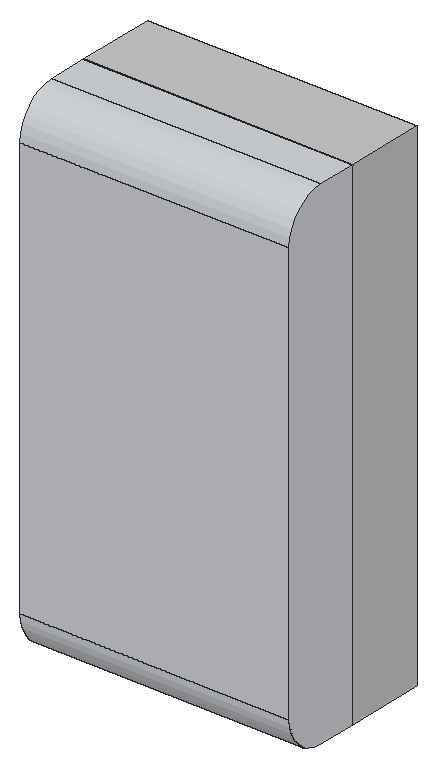
Revit family "消防照明_緊急照明燈(壁掛式)", category 火警裝置, Revit 2016
Family settings
  保持標註方位 = 否
  組件類型 = 正常
  圓形接點標註 = 使用直徑
  OmniClass 編號 = 23.35.47.13
  OmniClass 標題 = Emergency Lighting
  以工作平面為基礎 = 否
  總是垂直 = 是
  載入時使用空心挖方 = 否
  共用 = 否
  房間計算點 = 否
Parameters (values of type "消防照明_緊急照明燈(壁掛式)")
  Type Comments = ""
  Keynote = ""
  設備高度 [instance] = 2200 cm
  製造商 = "願景資訊有限公司"  # constant formula
  Model = ""
  Description = ""
  後 [instance] = no
  左 [instance] = no
  右 [instance] = no
  前 [instance] = yes
  3.99__***************************************** = ""
  3.33__COBie.Space.Description_(空間說明) = ""
  3.32__COBie.Space.Category_(空間類別) = ""
  3.31__COBie.Space.Name_(空間名稱) = ""
  3.30__COBie.System.Category_(系統類別) = ""
  3.29__COBie.System.Name_(系統名稱) = ""
  3.28__COBie.Component.Description_(例證說明) = ""
  3.27__COBie.Component.Name_(例證名稱) = ""
  3.26__COBie.Type.NominalHeight_(標稱寬度) = 0 cm
  3.25__COBie.Type.NominalWidth_(標稱長度) = 0 cm
  3.24__COBie.Type.NominalLength_(標稱高度) = 0 cm
  3.23__COBie.Type.WarrentyDurationUnit_(保固期限) = ""
  3.22__COBie.Type.WarrentyDurationLabors_(人力保固期限) = ""
  3.21__COBie.Type.WarrentyDurationParts_(零件保固期限) = ""
  3.20__COBie.Type.WarrentyGuarantorParts_(零件保固證明) = ""
  3.19__COBie.Type.ModelNumber_(模型編號) = ""
  3.18__COBie.Type.Description_(族群說明) = ""
  3.17__COBie.Type.Category_(族群類別) = ""
  3.16__COBie.Type.Name_(族群名稱) = ""
  3.15__Maintenance periode_(維護保養期限) = ""
  3.14__Equipment installation date_(設備安裝日期) = ""
  3.13__Equipment entry time_(設備進場時間) = ""
  3.12__Construction companies_(施工廠商) = ""
  3.11__PCCES_(公共工程編碼) = ""
  3.10__Revision_(修訂資訊) = ""
  3.09__Version_(版本註記) = ""
  3.08__ProductInformation_(產品資訊) = ""
  3.07__ManufacturerURL_(製造廠商網址) = ""
  3.06__ManufacturerName_(製造廠商名稱) = ""
  3.05__Purchasing phone_(採購廠商電話) = ""
  3.04__Purchasing vendor contact_(採購廠商聯絡人) = ""
  3.03__Procurement vendors_(採購廠商) = ""
  3.02__BIMObjectName_(元件識別名稱) = ""
  3.01__Fillers_(欄位填寫人) = ""
  3.00__【維護營運階段】 = ""
  2.99__***************************************** = ""
  2.08__照明時間 = ""
  2.07__緊急電源規格 = ""
  2.06__尺寸(長x寬x深)_(mm) = ""
  2.05__頻率_(Hz) = ""
  2.04__電壓_(Volts) = ""
  2.03__電流_(Amps) = ""
  2.02__核定設備型號 = ""
  2.01__核定廠牌 = ""
  2.00__【設備送審核定參數】 = ""
  1.99__***************************************** = ""
  1.10__建議採購的三家廠牌 = ""
  1.08__照明時間 = ""
  1.07__緊急電源規格 = ""
  1.06__尺寸(長x寬x深)_(mm) = ""
  1.05__頻率_(Hz) = ""
  1.04__電壓_(Volts) = ""
  1.03__電流_(Amps) = ""
  1.02__元件製作公司 = "願景資訊有限公司"  # constant formula
  1.01__元件作者 = "張瑋巖"  # constant formula
  1.00__【設計參數】 = ""
Reference planes (cm)
  plane 1 "中心 (前/後)": y = 0
  plane 2: z = 0
  plane 3 "中心 (左/右)": x = 0
  plane 4: z = 20.5
  plane 5: x = -5.5
  plane 6: x = 5.5
  plane 7: y = 3.25
  plane 8: y = -3.25
  plane 9: z = 10.25
  plane 10: z = 220
Forms (cm)
  Extrusion 1, solid, material "消防火警設備", detail levels coarse+fine
    sketch origin (0, 0, 220) x (1, 0, 0) y (0, 0, 1)
      loop
        line (-5.5, 20.5) -> (-5.5, 0) -> (5.5, 0) -> (5.5, 20.5) -> (-5.5, 20.5)
    from -3.25 to 0
  Extrusion 2, solid, detail levels coarse+fine
    sketch origin (0, 0, 220) x (0, 1, 0) y (0, 0, 1)
      loop
        arc (-1.625, 20.5) -> (-2.774, 20.024) -> (-3.25, 18.875) r 1.625
        line (-3.25, 18.875) -> (-3.25, 1.625)
        arc (-3.25, 1.625) -> (-2.774, 0.476) -> (-1.625, 0) r 1.625
        line (-1.625, 0) -> (0, 0) -> (0, 20.5) -> (-1.625, 20.5)
    from -5.5 to 5.5
Dimensions and locks (cm)
  aligned and locked: level to plane 2
  aligned and locked: Extrusion 2 to plane 5
  aligned and locked: plane 6 to Extrusion 2
Nested families (cm)
  nested 1: "龘_消防_緊急照明燈(壁掛式)_前" at (0, 3.25, 0), visible <- "前", type "消防_緊急照明燈(壁掛式)_前", detail levels coarse+medium
    with 前 yes
  nested 2: "龘_消防_緊急照明燈(壁掛式)_後" at (0, 3.25, 0), visible <- "後", type "消防_緊急照明燈(壁掛式)_後", detail levels coarse+medium
    with 後 yes
  nested 3: "龘_消防_緊急照明燈(壁掛式)_右" at (0, 3.25, 0), visible <- "右", type "消防_緊急照明燈(壁掛式)_右", detail levels coarse+medium
    with 右 yes
  nested 4: "龘_消防_緊急照明燈(壁掛式)_左" at (0, 3.25, 0), visible <- "左", type "消防_緊急照明燈(壁掛式)_左", detail levels coarse+medium
    with 左 yes
Connectors (cm)
  electrical at (0, 1.625, 240.5)
    settings: on Extrusion 1, index 2, voltage 110 V, apparent load 0 VA, apparent load phase1 0 VA, apparent load phase2 0 VA, apparent load phase3 0 VA, power factor 1, load classification "其他", number of poles 1, system type 31, power factor state 1, is connector primary yes, connector utility no, sub classification motor no, connector description ""
Definition of nested family "龘_消防_緊急照明燈(壁掛式)_前"
  Parameters (values of type "消防_緊急照明燈(壁掛式)_前")
    前 [instance] = yes
  Reference planes (cm)
    plane 1: y = 0
    plane 2: x = 0
  Lines and regions (cm)
    Filled region 1, type "填滿區域 1", visible <- "前"
      outline origin (0, 0, 0) x (1, 0, 0) y (0, 1, 0)
        loop
          arc (-0.09, -0.0241) -> (-0.18, -0.18) -> (-0.09, -0.3359) r 0.18
          line (-0.09, -0.3359) -> (-0.09, -0.0241)
    detail lines, visible <- "前"
      curve 1: circle (0, -0.18, 0) r 0.18 normal (0, 0, 1)
      curve 2: line (-0.09, -0.0241, 0) -> (-0.09, -0.3359, 0)
      curve 3: line (0.0864, -0.0549, 0) -> (-0.0256, -0.0549, 0)
      curve 4: line (-0.0256, -0.0549, 0) -> (-0.0256, -0.2948, 0)
      curve 5: line (0.0725, -0.1748, 0) -> (-0.0256, -0.1748, 0)
      curve 6: line (-0.0256, -0.2948, 0) -> (0.0864, -0.2948, 0)
Definition of nested family "龘_消防_緊急照明燈(壁掛式)_後"
  Parameters (values of type "消防_緊急照明燈(壁掛式)_後")
    後 [instance] = yes
  Reference planes (cm)
    plane 1: y = 0
    plane 2: x = 0
  Lines and regions (cm)
    Filled region 1, type "填滿區域 1", visible <- "後"
      outline origin (0, -0.36, 0) x (-1, 0, 0) y (0, -1, 0)
        loop
          arc (-0.09, -0.0241) -> (-0.18, -0.18) -> (-0.09, -0.3359) r 0.18
          line (-0.09, -0.3359) -> (-0.09, -0.0241)
    detail lines, visible <- "後"
      curve 1: circle (0, -0.18, 0) r 0.18 normal (0, 0, 1)
      curve 2: line (0.09, -0.3359, 0) -> (0.09, -0.0241, 0)
      curve 3: line (-0.0803, -0.2948, 0) -> (0.0317, -0.2948, 0)
      curve 4: line (0.0317, -0.2948, 0) -> (0.0317, -0.0549, 0)
      curve 5: line (-0.0665, -0.1748, 0) -> (0.0317, -0.1748, 0)
      curve 6: line (0.0317, -0.0549, 0) -> (-0.0803, -0.0549, 0)
Definition of nested family "龘_消防_緊急照明燈(壁掛式)_右"
  Parameters (values of type "消防_緊急照明燈(壁掛式)_右")
    右 [instance] = yes
  Reference planes (cm)
    plane 1: y = 0
    plane 2: x = 0
  Lines and regions (cm)
    Filled region 1, type "填滿區域 1", visible <- "右"
      outline origin (0.18, -0.18, 0) x (0, -1, 0) y (1, 0, 0)
        loop
          arc (-0.09, -0.0241) -> (-0.18, -0.18) -> (-0.09, -0.3359) r 0.18
          line (-0.09, -0.3359) -> (-0.09, -0.0241)
    detail lines, visible <- "右"
      curve 1: circle (0, -0.18, 0) r 0.18 normal (0, 0, 1)
      curve 2: line (0.1559, -0.09, 0) -> (-0.1559, -0.09, 0)
      curve 3: line (-0.1559, -0.09, 0) -> (0.1559, -0.09, 0)
      curve 4: line (0.1191, -0.2601, 0) -> (0.1191, -0.1481, 0)
      curve 5: line (0.1191, -0.1481, 0) -> (-0.1209, -0.1481, 0)
      curve 6: line (-0.0009, -0.2463, 0) -> (-0.0009, -0.1481, 0)
      curve 7: line (-0.1209, -0.1481, 0) -> (-0.1209, -0.2601, 0)
Definition of nested family "龘_消防_緊急照明燈(壁掛式)_左"
  Parameters (values of type "消防_緊急照明燈(壁掛式)_左")
    左 [instance] = yes
  Reference planes (cm)
    plane 1: y = 0
    plane 2: x = 0
  Lines and regions (cm)
    Filled region 1, type "填滿區域 1", visible <- "左"
      outline origin (-0.18, -0.18, 0) x (0, 1, 0) y (-1, 0, 0)
        loop
          arc (-0.09, -0.0241) -> (-0.18, -0.18) -> (-0.09, -0.3359) r 0.18
          line (-0.09, -0.3359) -> (-0.09, -0.0241)
    detail lines, visible <- "左"
      curve 1: circle (0, -0.18, 0) r 0.18 normal (0, 0, 1)
      curve 2: line (-0.1559, -0.27, 0) -> (0.1559, -0.27, 0)
      curve 3: line (-0.1209, -0.0954, 0) -> (-0.1209, -0.2074, 0)
      curve 4: line (-0.1209, -0.2074, 0) -> (0.1191, -0.2074, 0)
      curve 5: line (-0.0009, -0.1092, 0) -> (-0.0009, -0.2074, 0)
      curve 6: line (0.1191, -0.2074, 0) -> (0.1191, -0.0954, 0)
